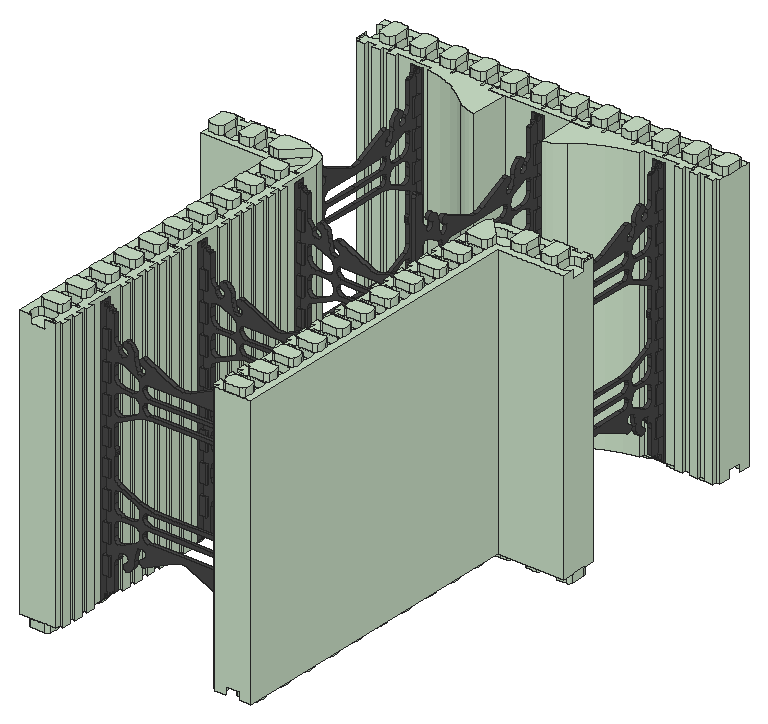
Revit family (continued)
Forms (mm)
  Extrusion 53, void
    sketch origin (965.151, -101.695, 0) x (0, 1, 0) y (-1, 0, 0)
      loop
        arc (-130.453, 639.396) -> (-128.147, 636.215) -> (-124.411, 635) r 6.35
        line (-124.411, 635) -> (-101.014, 635)
        arc (-101.014, 635) -> (-97.278, 636.215) -> (-94.972, 639.396) r 6.35
        arc (-94.972, 639.396) -> (-93.737, 645.691) -> (-94.024, 652.1) r 26.988
        arc (-94.024, 652.1) -> (-93.668, 653.385) -> (-92.457, 653.946) r 1.588
        line (-92.457, 653.946) -> (-86.829, 653.946) -> (-86.829, 658.285) -> (-95.62, 658.285)
        arc (-95.62, 658.285) -> (-96.199, 658.394) -> (-96.698, 658.708) r 1.588
        arc (-96.698, 658.708) -> (-98.696, 659.961) -> (-101.014, 660.4) r 6.35
        line (-101.014, 660.4) -> (-124.411, 660.4)
        arc (-124.411, 660.4) -> (-128.147, 659.184) -> (-130.453, 656.003) r 6.35
        arc (-130.453, 656.003) -> (-131.763, 647.7) -> (-130.453, 639.396) r 26.987
    from 0 to 12.7
  Extrusion 54, void
    sketch origin (406.351, -0.096, 0) x (0, -1, 0) y (1, 0, 0)
      loop
        arc (-130.453, -639.396) -> (-131.763, -647.7) -> (-130.453, -656.003) r 26.987
        arc (-130.453, -656.003) -> (-128.147, -659.184) -> (-124.411, -660.4) r 6.35
        line (-124.411, -660.4) -> (-101.014, -660.4)
        arc (-101.014, -660.4) -> (-98.696, -659.961) -> (-96.698, -658.708) r 6.35
        arc (-96.698, -658.708) -> (-96.199, -658.394) -> (-95.62, -658.285) r 1.588
        line (-95.62, -658.285) -> (-86.829, -658.285) -> (-86.829, -653.946) -> (-92.457, -653.946)
        arc (-92.457, -653.946) -> (-93.668, -653.385) -> (-94.024, -652.1) r 1.588
        arc (-94.024, -652.1) -> (-93.737, -645.691) -> (-94.972, -639.396) r 26.988
        arc (-94.972, -639.396) -> (-97.278, -636.215) -> (-101.014, -635) r 6.35
        line (-101.014, -635) -> (-124.411, -635)
        arc (-124.411, -635) -> (-128.147, -636.215) -> (-130.453, -639.396) r 6.35
    from 457.2 to 444.5
  Extrusion 55, void
    sketch origin (457.151, -0.096, 0) x (0, -1, 0) y (1, 0, 0)
      loop
        arc (-130.453, -639.396) -> (-131.763, -647.7) -> (-130.453, -656.003) r 26.987
        arc (-130.453, -656.003) -> (-128.147, -659.184) -> (-124.411, -660.4) r 6.35
        line (-124.411, -660.4) -> (-101.014, -660.4)
        arc (-101.014, -660.4) -> (-98.696, -659.961) -> (-96.698, -658.708) r 6.35
        arc (-96.698, -658.708) -> (-96.199, -658.394) -> (-95.62, -658.285) r 1.588
        line (-95.62, -658.285) -> (-86.829, -658.285) -> (-86.829, -653.946) -> (-92.457, -653.946)
        arc (-92.457, -653.946) -> (-93.668, -653.385) -> (-94.024, -652.1) r 1.588
        arc (-94.024, -652.1) -> (-93.737, -645.691) -> (-94.972, -639.396) r 26.988
        arc (-94.972, -639.396) -> (-97.278, -636.215) -> (-101.014, -635) r 6.35
        line (-101.014, -635) -> (-124.411, -635)
        arc (-124.411, -635) -> (-128.147, -636.215) -> (-130.453, -639.396) r 6.35
    from 457.2 to 444.5
  Extrusion 56, void
    sketch origin (507.951, -0.096, 0) x (0, -1, 0) y (1, 0, 0)
      loop
        arc (-130.453, -639.396) -> (-131.763, -647.7) -> (-130.453, -656.003) r 26.987
        arc (-130.453, -656.003) -> (-128.147, -659.184) -> (-124.411, -660.4) r 6.35
        line (-124.411, -660.4) -> (-101.014, -660.4)
        arc (-101.014, -660.4) -> (-98.696, -659.961) -> (-96.698, -658.708) r 6.35
        arc (-96.698, -658.708) -> (-96.199, -658.394) -> (-95.62, -658.285) r 1.588
        line (-95.62, -658.285) -> (-86.829, -658.285) -> (-86.829, -653.946) -> (-92.457, -653.946)
        arc (-92.457, -653.946) -> (-93.668, -653.385) -> (-94.024, -652.1) r 1.588
        arc (-94.024, -652.1) -> (-93.737, -645.691) -> (-94.972, -639.396) r 26.988
        arc (-94.972, -639.396) -> (-97.278, -636.215) -> (-101.014, -635) r 6.35
        line (-101.014, -635) -> (-124.411, -635)
        arc (-124.411, -635) -> (-128.147, -636.215) -> (-130.453, -639.396) r 6.35
    from 457.2 to 444.5
  Extrusion 57, void
    sketch origin (558.751, -0.096, 0) x (0, -1, 0) y (1, 0, 0)
      loop
        arc (-130.453, -639.396) -> (-131.763, -647.7) -> (-130.453, -656.003) r 26.987
        arc (-130.453, -656.003) -> (-128.147, -659.184) -> (-124.411, -660.4) r 6.35
        line (-124.411, -660.4) -> (-101.014, -660.4)
        arc (-101.014, -660.4) -> (-98.696, -659.961) -> (-96.698, -658.708) r 6.35
        arc (-96.698, -658.708) -> (-96.199, -658.394) -> (-95.62, -658.285) r 1.588
        line (-95.62, -658.285) -> (-86.829, -658.285) -> (-86.829, -653.946) -> (-92.457, -653.946)
        arc (-92.457, -653.946) -> (-93.668, -653.385) -> (-94.024, -652.1) r 1.588
        arc (-94.024, -652.1) -> (-93.737, -645.691) -> (-94.972, -639.396) r 26.988
        arc (-94.972, -639.396) -> (-97.278, -636.215) -> (-101.014, -635) r 6.35
        line (-101.014, -635) -> (-124.411, -635)
        arc (-124.411, -635) -> (-128.147, -636.215) -> (-130.453, -639.396) r 6.35
    from 457.2 to 444.5
  Extrusion 58, void
    sketch origin (609.551, -0.096, 0) x (0, -1, 0) y (1, 0, 0)
      loop
        arc (-130.453, -639.396) -> (-131.763, -647.7) -> (-130.453, -656.003) r 26.987
        arc (-130.453, -656.003) -> (-128.147, -659.184) -> (-124.411, -660.4) r 6.35
        line (-124.411, -660.4) -> (-101.014, -660.4)
        arc (-101.014, -660.4) -> (-98.696, -659.961) -> (-96.698, -658.708) r 6.35
        arc (-96.698, -658.708) -> (-96.199, -658.394) -> (-95.62, -658.285) r 1.588
        line (-95.62, -658.285) -> (-86.829, -658.285) -> (-86.829, -653.946) -> (-92.457, -653.946)
        arc (-92.457, -653.946) -> (-93.668, -653.385) -> (-94.024, -652.1) r 1.588
        arc (-94.024, -652.1) -> (-93.737, -645.691) -> (-94.972, -639.396) r 26.988
        arc (-94.972, -639.396) -> (-97.278, -636.215) -> (-101.014, -635) r 6.35
        line (-101.014, -635) -> (-124.411, -635)
        arc (-124.411, -635) -> (-128.147, -636.215) -> (-130.453, -639.396) r 6.35
    from 457.2 to 444.5
  Extrusion 59, void
    sketch origin (761.951, -0.096, 0) x (0, -1, 0) y (1, 0, 0)
      loop
        arc (-130.453, -639.396) -> (-131.763, -647.7) -> (-130.453, -656.003) r 26.987
        arc (-130.453, -656.003) -> (-128.147, -659.184) -> (-124.411, -660.4) r 6.35
        line (-124.411, -660.4) -> (-101.014, -660.4)
        arc (-101.014, -660.4) -> (-98.696, -659.961) -> (-96.698, -658.708) r 6.35
        arc (-96.698, -658.708) -> (-96.199, -658.394) -> (-95.62, -658.285) r 1.588
        line (-95.62, -658.285) -> (-86.829, -658.285) -> (-86.829, -653.946) -> (-92.457, -653.946)
        arc (-92.457, -653.946) -> (-93.668, -653.385) -> (-94.024, -652.1) r 1.588
        arc (-94.024, -652.1) -> (-93.737, -645.691) -> (-94.972, -639.396) r 26.988
        arc (-94.972, -639.396) -> (-97.278, -636.215) -> (-101.014, -635) r 6.35
        line (-101.014, -635) -> (-124.411, -635)
        arc (-124.411, -635) -> (-128.147, -636.215) -> (-130.453, -639.396) r 6.35
    from 457.2 to 444.5
  Extrusion 60, void
    sketch origin (812.751, -0.096, 0) x (0, -1, 0) y (1, 0, 0)
      loop
        arc (-130.453, -639.396) -> (-131.763, -647.7) -> (-130.453, -656.003) r 26.987
        arc (-130.453, -656.003) -> (-128.147, -659.184) -> (-124.411, -660.4) r 6.35
        line (-124.411, -660.4) -> (-101.014, -660.4)
        arc (-101.014, -660.4) -> (-98.696, -659.961) -> (-96.698, -658.708) r 6.35
        arc (-96.698, -658.708) -> (-96.199, -658.394) -> (-95.62, -658.285) r 1.588
        line (-95.62, -658.285) -> (-86.829, -658.285) -> (-86.829, -653.946) -> (-92.457, -653.946)
        arc (-92.457, -653.946) -> (-93.668, -653.385) -> (-94.024, -652.1) r 1.588
        arc (-94.024, -652.1) -> (-93.737, -645.691) -> (-94.972, -639.396) r 26.988
        arc (-94.972, -639.396) -> (-97.278, -636.215) -> (-101.014, -635) r 6.35
        line (-101.014, -635) -> (-124.411, -635)
        arc (-124.411, -635) -> (-128.147, -636.215) -> (-130.453, -639.396) r 6.35
    from 457.2 to 444.5
  Extrusion 61, void
    sketch origin (863.551, -0.096, 0) x (0, -1, 0) y (1, 0, 0)
      loop
        arc (-130.453, -639.396) -> (-131.763, -647.7) -> (-130.453, -656.003) r 26.987
        arc (-130.453, -656.003) -> (-128.147, -659.184) -> (-124.411, -660.4) r 6.35
        line (-124.411, -660.4) -> (-101.014, -660.4)
        arc (-101.014, -660.4) -> (-98.696, -659.961) -> (-96.698, -658.708) r 6.35
        arc (-96.698, -658.708) -> (-96.199, -658.394) -> (-95.62, -658.285) r 1.588
        line (-95.62, -658.285) -> (-86.829, -658.285) -> (-86.829, -653.946) -> (-92.457, -653.946)
        arc (-92.457, -653.946) -> (-93.668, -653.385) -> (-94.024, -652.1) r 1.588
        arc (-94.024, -652.1) -> (-93.737, -645.691) -> (-94.972, -639.396) r 26.988
        arc (-94.972, -639.396) -> (-97.278, -636.215) -> (-101.014, -635) r 6.35
        line (-101.014, -635) -> (-124.411, -635)
        arc (-124.411, -635) -> (-128.147, -636.215) -> (-130.453, -639.396) r 6.35
    from 457.2 to 444.5
  Extrusion 62, void
    sketch origin (914.351, -0.096, 0) x (0, -1, 0) y (1, 0, 0)
      loop
        arc (-130.453, -639.396) -> (-131.763, -647.7) -> (-130.453, -656.003) r 26.987
        arc (-130.453, -656.003) -> (-128.147, -659.184) -> (-124.411, -660.4) r 6.35
        line (-124.411, -660.4) -> (-101.014, -660.4)
        arc (-101.014, -660.4) -> (-98.696, -659.961) -> (-96.698, -658.708) r 6.35
        arc (-96.698, -658.708) -> (-96.199, -658.394) -> (-95.62, -658.285) r 1.588
        line (-95.62, -658.285) -> (-86.829, -658.285) -> (-86.829, -653.946) -> (-92.457, -653.946)
        arc (-92.457, -653.946) -> (-93.668, -653.385) -> (-94.024, -652.1) r 1.588
        arc (-94.024, -652.1) -> (-93.737, -645.691) -> (-94.972, -639.396) r 26.988
        arc (-94.972, -639.396) -> (-97.278, -636.215) -> (-101.014, -635) r 6.35
        line (-101.014, -635) -> (-124.411, -635)
        arc (-124.411, -635) -> (-128.147, -636.215) -> (-130.453, -639.396) r 6.35
    from 457.2 to 444.5
  Extrusion 63, void
    sketch origin (-863.648, -0.096, 0) x (0, -1, 0) y (1, 0, 0)
      loop
        arc (-130.453, 639.396) -> (-128.147, 636.215) -> (-124.411, 635) r 6.35
        line (-124.411, 635) -> (-101.014, 635)
        arc (-101.014, 635) -> (-97.278, 636.215) -> (-94.972, 639.396) r 6.35
        arc (-94.972, 639.396) -> (-93.737, 645.691) -> (-94.024, 652.1) r 26.988
        arc (-94.024, 652.1) -> (-93.668, 653.385) -> (-92.457, 653.946) r 1.588
        line (-92.457, 653.946) -> (-86.829, 653.946) -> (-86.829, 658.285) -> (-95.62, 658.285)
        arc (-95.62, 658.285) -> (-96.199, 658.394) -> (-96.698, 658.708) r 1.588
        arc (-96.698, 658.708) -> (-98.696, 659.961) -> (-101.014, 660.4) r 6.35
        line (-101.014, 660.4) -> (-124.411, 660.4)
        arc (-124.411, 660.4) -> (-128.147, 659.184) -> (-130.453, 656.003) r 6.35
        arc (-130.453, 656.003) -> (-131.763, 647.7) -> (-130.453, 639.396) r 26.987
    from 0 to 12.7
  Extrusion 64, void
    sketch origin (-812.848, -0.096, 0) x (0, -1, 0) y (1, 0, 0)
      loop
        arc (-130.453, 639.396) -> (-128.147, 636.215) -> (-124.411, 635) r 6.35
        line (-124.411, 635) -> (-101.014, 635)
        arc (-101.014, 635) -> (-97.278, 636.215) -> (-94.972, 639.396) r 6.35
        arc (-94.972, 639.396) -> (-93.737, 645.691) -> (-94.024, 652.1) r 26.988
        arc (-94.024, 652.1) -> (-93.668, 653.385) -> (-92.457, 653.946) r 1.588
        line (-92.457, 653.946) -> (-86.829, 653.946) -> (-86.829, 658.285) -> (-95.62, 658.285)
        arc (-95.62, 658.285) -> (-96.199, 658.394) -> (-96.698, 658.708) r 1.588
        arc (-96.698, 658.708) -> (-98.696, 659.961) -> (-101.014, 660.4) r 6.35
        line (-101.014, 660.4) -> (-124.411, 660.4)
        arc (-124.411, 660.4) -> (-128.147, 659.184) -> (-130.453, 656.003) r 6.35
        arc (-130.453, 656.003) -> (-131.763, 647.7) -> (-130.453, 639.396) r 26.987
    from 0 to 12.7
  Extrusion 65, void
    sketch origin (-762.048, -0.096, 0) x (0, -1, 0) y (1, 0, 0)
      loop
        arc (-130.453, 639.396) -> (-128.147, 636.215) -> (-124.411, 635) r 6.35
        line (-124.411, 635) -> (-101.014, 635)
        arc (-101.014, 635) -> (-97.278, 636.215) -> (-94.972, 639.396) r 6.35
        arc (-94.972, 639.396) -> (-93.737, 645.691) -> (-94.024, 652.1) r 26.988
        arc (-94.024, 652.1) -> (-93.668, 653.385) -> (-92.457, 653.946) r 1.588
        line (-92.457, 653.946) -> (-86.829, 653.946) -> (-86.829, 658.285) -> (-95.62, 658.285)
        arc (-95.62, 658.285) -> (-96.199, 658.394) -> (-96.698, 658.708) r 1.588
        arc (-96.698, 658.708) -> (-98.696, 659.961) -> (-101.014, 660.4) r 6.35
        line (-101.014, 660.4) -> (-124.411, 660.4)
        arc (-124.411, 660.4) -> (-128.147, 659.184) -> (-130.453, 656.003) r 6.35
        arc (-130.453, 656.003) -> (-131.763, 647.7) -> (-130.453, 639.396) r 26.987
    from 0 to 12.7
  Extrusion 66, void
    sketch origin (-711.248, -0.096, 0) x (0, -1, 0) y (1, 0, 0)
      loop
        arc (-130.453, 639.396) -> (-128.147, 636.215) -> (-124.411, 635) r 6.35
        line (-124.411, 635) -> (-101.014, 635)
        arc (-101.014, 635) -> (-97.278, 636.215) -> (-94.972, 639.396) r 6.35
        arc (-94.972, 639.396) -> (-93.737, 645.691) -> (-94.024, 652.1) r 26.988
        arc (-94.024, 652.1) -> (-93.668, 653.385) -> (-92.457, 653.946) r 1.588
        line (-92.457, 653.946) -> (-86.829, 653.946) -> (-86.829, 658.285) -> (-95.62, 658.285)
        arc (-95.62, 658.285) -> (-96.199, 658.394) -> (-96.698, 658.708) r 1.588
        arc (-96.698, 658.708) -> (-98.696, 659.961) -> (-101.014, 660.4) r 6.35
        line (-101.014, 660.4) -> (-124.411, 660.4)
        arc (-124.411, 660.4) -> (-128.147, 659.184) -> (-130.453, 656.003) r 6.35
        arc (-130.453, 656.003) -> (-131.763, 647.7) -> (-130.453, 639.396) r 26.987
    from 0 to 12.7
  Extrusion 67, void
    sketch origin (-508.048, -0.096, 0) x (0, -1, 0) y (1, 0, 0)
      loop
        arc (-130.453, 639.396) -> (-128.147, 636.215) -> (-124.411, 635) r 6.35
        line (-124.411, 635) -> (-101.014, 635)
        arc (-101.014, 635) -> (-97.278, 636.215) -> (-94.972, 639.396) r 6.35
        arc (-94.972, 639.396) -> (-93.737, 645.691) -> (-94.024, 652.1) r 26.988
        arc (-94.024, 652.1) -> (-93.668, 653.385) -> (-92.457, 653.946) r 1.588
        line (-92.457, 653.946) -> (-86.829, 653.946) -> (-86.829, 658.285) -> (-95.62, 658.285)
        arc (-95.62, 658.285) -> (-96.199, 658.394) -> (-96.698, 658.708) r 1.588
        arc (-96.698, 658.708) -> (-98.696, 659.961) -> (-101.014, 660.4) r 6.35
        line (-101.014, 660.4) -> (-124.411, 660.4)
        arc (-124.411, 660.4) -> (-128.147, 659.184) -> (-130.453, 656.003) r 6.35
        arc (-130.453, 656.003) -> (-131.763, 647.7) -> (-130.453, 639.396) r 26.987
    from 0 to 12.7
  Extrusion 68, void
    sketch origin (-457.248, -0.096, 0) x (0, -1, 0) y (1, 0, 0)
      loop
        arc (-130.453, 639.396) -> (-128.147, 636.215) -> (-124.411, 635) r 6.35
        line (-124.411, 635) -> (-101.014, 635)
        arc (-101.014, 635) -> (-97.278, 636.215) -> (-94.972, 639.396) r 6.35
        arc (-94.972, 639.396) -> (-93.737, 645.691) -> (-94.024, 652.1) r 26.988
        arc (-94.024, 652.1) -> (-93.668, 653.385) -> (-92.457, 653.946) r 1.588
        line (-92.457, 653.946) -> (-86.829, 653.946) -> (-86.829, 658.285) -> (-95.62, 658.285)
        arc (-95.62, 658.285) -> (-96.199, 658.394) -> (-96.698, 658.708) r 1.588
        arc (-96.698, 658.708) -> (-98.696, 659.961) -> (-101.014, 660.4) r 6.35
        line (-101.014, 660.4) -> (-124.411, 660.4)
        arc (-124.411, 660.4) -> (-128.147, 659.184) -> (-130.453, 656.003) r 6.35
        arc (-130.453, 656.003) -> (-131.763, 647.7) -> (-130.453, 639.396) r 26.987
    from 0 to 12.7
  Extrusion 69, void
    sketch origin (-406.448, -0.096, 0) x (0, -1, 0) y (1, 0, 0)
      loop
        arc (-130.453, 639.396) -> (-128.147, 636.215) -> (-124.411, 635) r 6.35
        line (-124.411, 635) -> (-101.014, 635)
        arc (-101.014, 635) -> (-97.278, 636.215) -> (-94.972, 639.396) r 6.35
        arc (-94.972, 639.396) -> (-93.737, 645.691) -> (-94.024, 652.1) r 26.988
        arc (-94.024, 652.1) -> (-93.668, 653.385) -> (-92.457, 653.946) r 1.588
        line (-92.457, 653.946) -> (-86.829, 653.946) -> (-86.829, 658.285) -> (-95.62, 658.285)
        arc (-95.62, 658.285) -> (-96.199, 658.394) -> (-96.698, 658.708) r 1.588
        arc (-96.698, 658.708) -> (-98.696, 659.961) -> (-101.014, 660.4) r 6.35
        line (-101.014, 660.4) -> (-124.411, 660.4)
        arc (-124.411, 660.4) -> (-128.147, 659.184) -> (-130.453, 656.003) r 6.35
        arc (-130.453, 656.003) -> (-131.763, 647.7) -> (-130.453, 639.396) r 26.987
    from 0 to 12.7
  Extrusion 70, void
    sketch origin (-355.648, -0.096, 0) x (0, -1, 0) y (1, 0, 0)
      loop
        arc (-130.453, 639.396) -> (-128.147, 636.215) -> (-124.411, 635) r 6.35
        line (-124.411, 635) -> (-101.014, 635)
        arc (-101.014, 635) -> (-97.278, 636.215) -> (-94.972, 639.396) r 6.35
        arc (-94.972, 639.396) -> (-93.737, 645.691) -> (-94.024, 652.1) r 26.988
        arc (-94.024, 652.1) -> (-93.668, 653.385) -> (-92.457, 653.946) r 1.588
        line (-92.457, 653.946) -> (-86.829, 653.946) -> (-86.829, 658.285) -> (-95.62, 658.285)
        arc (-95.62, 658.285) -> (-96.199, 658.394) -> (-96.698, 658.708) r 1.588
        arc (-96.698, 658.708) -> (-98.696, 659.961) -> (-101.014, 660.4) r 6.35
        line (-101.014, 660.4) -> (-124.411, 660.4)
        arc (-124.411, 660.4) -> (-128.147, 659.184) -> (-130.453, 656.003) r 6.35
        arc (-130.453, 656.003) -> (-131.763, 647.7) -> (-130.453, 639.396) r 26.987
    from 0 to 12.7
  Extrusion 71, solid, material "NUDURA Expanded Polystyrene Foam Insulation"
    sketch origin (101.551, -101.695, 0) x (1, 0, 0) y (0, 1, 0)
      loop
        arc (101.102, -101.102) -> (95.596, -109.342) -> (93.663, -119.062) r 25.4
        line (93.663, -119.062) -> (93.663, -139.7)
        arc (93.663, -139.7) -> (93.992, -143.903) -> (94.972, -148.003) r 26.987
        arc (94.972, -148.003) -> (97.278, -151.184) -> (101.014, -152.4) r 6.35
        line (101.014, -152.4) -> (124.411, -152.4)
        arc (124.411, -152.4) -> (128.147, -151.184) -> (130.453, -148.003) r 6.35
        arc (130.453, -148.003) -> (131.433, -143.903) -> (131.763, -139.7) r 26.988
        line (131.763, -139.7) -> (131.763, -131.762) -> (101.102, -101.102)
    from 457.2 to 469.9
  Extrusion 72, solid, material "NUDURA Expanded Polystyrene Foam Insulation"
    sketch origin (-0.049, -101.695, 0) x (1, 0, 0) y (0, 1, 0)
      loop
        line (-119.063, -93.662) -> (-139.7, -93.662)
        arc (-139.7, -93.662) -> (-143.903, -93.991) -> (-148.004, -94.971) r 26.987
        arc (-148.004, -94.971) -> (-151.185, -97.277) -> (-152.4, -101.013) r 6.35
        line (-152.4, -101.013) -> (-152.4, -124.411)
        arc (-152.4, -124.411) -> (-151.185, -128.147) -> (-148.004, -130.453) r 6.35
        arc (-148.004, -130.453) -> (-143.903, -131.433) -> (-139.7, -131.762) r 26.987
        line (-139.7, -131.762) -> (-131.763, -131.762) -> (-101.102, -101.102)
        arc (-101.102, -101.102) -> (-109.342, -95.595) -> (-119.063, -93.662) r 25.4
    from 457.2 to 469.9
  Extrusion 73, solid, material "NUDURA Expanded Polystyrene Foam Insulation"
    sketch origin (-0.049, -101.695, 0) x (1, 0, 0) y (0, 1, 0)
      loop
        line (-131.763, -131.762) -> (-131.763, -139.7)
        arc (-131.763, -139.7) -> (-131.433, -143.903) -> (-130.453, -148.003) r 26.987
        arc (-130.453, -148.003) -> (-128.147, -151.184) -> (-124.411, -152.4) r 6.35
        line (-124.411, -152.4) -> (-101.014, -152.4)
        arc (-101.014, -152.4) -> (-97.278, -151.184) -> (-94.972, -148.003) r 6.35
        arc (-94.972, -148.003) -> (-93.992, -143.903) -> (-93.663, -139.7) r 26.987
        line (-93.663, -139.7) -> (-93.663, -119.062)
        arc (-93.663, -119.062) -> (-95.596, -109.342) -> (-101.102, -101.102) r 25.4
        line (-101.102, -101.102) -> (-131.763, -131.762)
    from 0 to -12.7
  Extrusion 74, solid, material "NUDURA Expanded Polystyrene Foam Insulation"
    sketch origin (101.551, -101.695, 0) x (1, 0, 0) y (0, 1, 0)
      loop
        arc (152.4, -101.013) -> (151.185, -97.277) -> (148.004, -94.971) r 6.35
        arc (148.004, -94.971) -> (143.903, -93.991) -> (139.7, -93.662) r 26.987
        line (139.7, -93.662) -> (119.063, -93.662)
        arc (119.063, -93.662) -> (109.342, -95.595) -> (101.102, -101.102) r 25.4
        line (101.102, -101.102) -> (131.763, -131.762) -> (139.7, -131.762)
        arc (139.7, -131.762) -> (143.903, -131.433) -> (148.004, -130.453) r 26.988
        arc (148.004, -130.453) -> (151.185, -128.147) -> (152.4, -124.411) r 6.35
        line (152.4, -124.411) -> (152.4, -101.013)
    from 0 to -12.7
  Extrusion 75, void
    sketch origin (-558.848, -0.096, 0) x (0, -1, 0) y (1, 0, 0)
      loop
        arc (-130.453, 639.396) -> (-128.147, 636.215) -> (-124.411, 635) r 6.35
        line (-124.411, 635) -> (-101.014, 635)
        arc (-101.014, 635) -> (-97.278, 636.215) -> (-94.972, 639.396) r 6.35
        arc (-94.972, 639.396) -> (-93.737, 645.691) -> (-94.024, 652.1) r 26.988
        arc (-94.024, 652.1) -> (-93.668, 653.385) -> (-92.457, 653.946) r 1.588
        line (-92.457, 653.946) -> (-86.829, 653.946) -> (-86.829, 658.285) -> (-95.62, 658.285)
        arc (-95.62, 658.285) -> (-96.199, 658.394) -> (-96.698, 658.708) r 1.588
        arc (-96.698, 658.708) -> (-98.696, 659.961) -> (-101.014, 660.4) r 6.35
        line (-101.014, 660.4) -> (-124.411, 660.4)
        arc (-124.411, 660.4) -> (-128.147, 659.184) -> (-130.453, 656.003) r 6.35
        arc (-130.453, 656.003) -> (-131.763, 647.7) -> (-130.453, 639.396) r 26.987
    from 0 to 12.7
  Extrusion 76, solid, material "NUDURA Expanded Polystyrene Foam Insulation"
    sketch origin (-0.049, -0.095, 0) x (1, 0, 0) y (0, 1, 0)
      loop
        line (-31.75, 142.875) -> (-31.75, 131.479) -> (-25.4, 133.18) -> (-25.4, 117.763) -> (-31.75, 119.346) -> (-31.75, 106.079) -> (-25.4, 107.78) -> (-25.4, 92.363) -> (-31.75, 93.946) -> (-31.75, 82.55) -> (133.35, 82.55) -> (133.35, 93.946) -> (127, 92.363) -> (127, 107.78) -> (133.35, 106.079) -> (133.35, 119.346) -> (127, 117.763) -> (127, 133.18) -> (133.35, 131.479) -> (133.35, 142.875) -> (-31.75, 142.875)
    from 0 to 457.2
  Extrusion 77, void
    sketch origin (660.351, -0.096, 0) x (0, -1, 0) y (1, 0, 0)
      loop
        arc (-130.453, -639.396) -> (-131.763, -647.7) -> (-130.453, -656.003) r 26.987
        arc (-130.453, -656.003) -> (-128.147, -659.184) -> (-124.411, -660.4) r 6.35
        line (-124.411, -660.4) -> (-101.014, -660.4)
        arc (-101.014, -660.4) -> (-98.696, -659.961) -> (-96.698, -658.708) r 6.35
        arc (-96.698, -658.708) -> (-96.199, -658.394) -> (-95.62, -658.285) r 1.588
        line (-95.62, -658.285) -> (-86.829, -658.285) -> (-86.829, -653.946) -> (-92.457, -653.946)
        arc (-92.457, -653.946) -> (-93.668, -653.385) -> (-94.024, -652.1) r 1.588
        arc (-94.024, -652.1) -> (-93.737, -645.691) -> (-94.972, -639.396) r 26.988
        arc (-94.972, -639.396) -> (-97.278, -636.215) -> (-101.014, -635) r 6.35
        line (-101.014, -635) -> (-124.411, -635)
        arc (-124.411, -635) -> (-128.147, -636.215) -> (-130.453, -639.396) r 6.35
    from 457.2 to 444.5
  Extrusion 78, void
    sketch origin (711.151, -0.096, 0) x (0, -1, 0) y (1, 0, 0)
      loop
        arc (-130.453, -639.396) -> (-131.763, -647.7) -> (-130.453, -656.003) r 26.987
        arc (-130.453, -656.003) -> (-128.147, -659.184) -> (-124.411, -660.4) r 6.35
        line (-124.411, -660.4) -> (-101.014, -660.4)
        arc (-101.014, -660.4) -> (-98.696, -659.961) -> (-96.698, -658.708) r 6.35
        arc (-96.698, -658.708) -> (-96.199, -658.394) -> (-95.62, -658.285) r 1.588
        line (-95.62, -658.285) -> (-86.829, -658.285) -> (-86.829, -653.946) -> (-92.457, -653.946)
        arc (-92.457, -653.946) -> (-93.668, -653.385) -> (-94.024, -652.1) r 1.588
        arc (-94.024, -652.1) -> (-93.737, -645.691) -> (-94.972, -639.396) r 26.988
        arc (-94.972, -639.396) -> (-97.278, -636.215) -> (-101.014, -635) r 6.35
        line (-101.014, -635) -> (-124.411, -635)
        arc (-124.411, -635) -> (-128.147, -636.215) -> (-130.453, -639.396) r 6.35
    from 457.2 to 444.5
  Extrusion 79, void
    sketch origin (-609.648, -0.096, 0) x (0, -1, 0) y (1, 0, 0)
      loop
        arc (-130.453, 639.396) -> (-128.147, 636.215) -> (-124.411, 635) r 6.35
        line (-124.411, 635) -> (-101.014, 635)
        arc (-101.014, 635) -> (-97.278, 636.215) -> (-94.972, 639.396) r 6.35
        arc (-94.972, 639.396) -> (-93.737, 645.691) -> (-94.024, 652.1) r 26.988
        arc (-94.024, 652.1) -> (-93.668, 653.385) -> (-92.457, 653.946) r 1.588
        line (-92.457, 653.946) -> (-86.829, 653.946) -> (-86.829, 658.285) -> (-95.62, 658.285)
        arc (-95.62, 658.285) -> (-96.199, 658.394) -> (-96.698, 658.708) r 1.588
        arc (-96.698, 658.708) -> (-98.696, 659.961) -> (-101.014, 660.4) r 6.35
        line (-101.014, 660.4) -> (-124.411, 660.4)
        arc (-124.411, 660.4) -> (-128.147, 659.184) -> (-130.453, 656.003) r 6.35
        arc (-130.453, 656.003) -> (-131.763, 647.7) -> (-130.453, 639.396) r 26.987
    from 0 to 12.7
  Extrusion 80, void
    sketch origin (-660.448, -0.096, 0) x (0, -1, 0) y (1, 0, 0)
      loop
        arc (-130.453, 639.396) -> (-128.147, 636.215) -> (-124.411, 635) r 6.35
        line (-124.411, 635) -> (-101.014, 635)
        arc (-101.014, 635) -> (-97.278, 636.215) -> (-94.972, 639.396) r 6.35
        arc (-94.972, 639.396) -> (-93.737, 645.691) -> (-94.024, 652.1) r 26.988
        arc (-94.024, 652.1) -> (-93.668, 653.385) -> (-92.457, 653.946) r 1.588
        line (-92.457, 653.946) -> (-86.829, 653.946) -> (-86.829, 658.285) -> (-95.62, 658.285)
        arc (-95.62, 658.285) -> (-96.199, 658.394) -> (-96.698, 658.708) r 1.588
        arc (-96.698, 658.708) -> (-98.696, 659.961) -> (-101.014, 660.4) r 6.35
        line (-101.014, 660.4) -> (-124.411, 660.4)
        arc (-124.411, 660.4) -> (-128.147, 659.184) -> (-130.453, 656.003) r 6.35
        arc (-130.453, 656.003) -> (-131.763, 647.7) -> (-130.453, 639.396) r 26.987
    from 0 to 12.7
  Extrusion 81, void
    sketch origin (965.151, -0.096, 0) x (0, -1, 0) y (1, 0, 0)
      loop
        arc (-130.453, -639.396) -> (-131.763, -647.7) -> (-130.453, -656.003) r 26.987
        arc (-130.453, -656.003) -> (-128.147, -659.184) -> (-124.411, -660.4) r 6.35
        line (-124.411, -660.4) -> (-101.014, -660.4)
        arc (-101.014, -660.4) -> (-98.696, -659.961) -> (-96.698, -658.708) r 6.35
        arc (-96.698, -658.708) -> (-96.199, -658.394) -> (-95.62, -658.285) r 1.588
        line (-95.62, -658.285) -> (-86.829, -658.285) -> (-86.829, -653.946) -> (-92.457, -653.946)
        arc (-92.457, -653.946) -> (-93.668, -653.385) -> (-94.024, -652.1) r 1.588
        arc (-94.024, -652.1) -> (-93.737, -645.691) -> (-94.972, -639.396) r 26.988
        arc (-94.972, -639.396) -> (-97.278, -636.215) -> (-101.014, -635) r 6.35
        line (-101.014, -635) -> (-124.411, -635)
        arc (-124.411, -635) -> (-128.147, -636.215) -> (-130.453, -639.396) r 6.35
    from 457.2 to 444.5
  Extrusion 82, void
    sketch origin (-304.848, -0.096, 0) x (0, -1, 0) y (1, 0, 0)
      loop
        arc (-130.453, 639.396) -> (-128.147, 636.215) -> (-124.411, 635) r 6.35
        line (-124.411, 635) -> (-101.014, 635)
        arc (-101.014, 635) -> (-97.278, 636.215) -> (-94.972, 639.396) r 6.35
        arc (-94.972, 639.396) -> (-93.737, 645.691) -> (-94.024, 652.1) r 26.988
        arc (-94.024, 652.1) -> (-93.668, 653.385) -> (-92.457, 653.946) r 1.588
        line (-92.457, 653.946) -> (-86.829, 653.946) -> (-86.829, 658.285) -> (-95.62, 658.285)
        arc (-95.62, 658.285) -> (-96.199, 658.394) -> (-96.698, 658.708) r 1.588
        arc (-96.698, 658.708) -> (-98.696, 659.961) -> (-101.014, 660.4) r 6.35
        line (-101.014, 660.4) -> (-124.411, 660.4)
        arc (-124.411, 660.4) -> (-128.147, 659.184) -> (-130.453, 656.003) r 6.35
        arc (-130.453, 656.003) -> (-131.763, 647.7) -> (-130.453, 639.396) r 26.987
    from 0 to 12.7
  Extrusion 83, void
    sketch origin (609.551, -0.096, 0) x (0, -1, 0) y (1, 0, 0)
      loop
        arc (-130.453, -639.396) -> (-131.763, -647.7) -> (-130.453, -656.003) r 26.987
        arc (-130.453, -656.003) -> (-128.147, -659.184) -> (-124.411, -660.4) r 6.35
        line (-124.411, -660.4) -> (-101.014, -660.4)
        arc (-101.014, -660.4) -> (-98.696, -659.961) -> (-96.698, -658.708) r 6.35
        arc (-96.698, -658.708) -> (-96.199, -658.394) -> (-95.62, -658.285) r 1.588
        line (-95.62, -658.285) -> (-86.829, -658.285) -> (-86.829, -653.946) -> (-92.457, -653.946)
        arc (-92.457, -653.946) -> (-93.668, -653.385) -> (-94.024, -652.1) r 1.588
        arc (-94.024, -652.1) -> (-93.737, -645.691) -> (-94.972, -639.396) r 26.988
        arc (-94.972, -639.396) -> (-97.278, -636.215) -> (-101.014, -635) r 6.35
        line (-101.014, -635) -> (-124.411, -635)
        arc (-124.411, -635) -> (-128.147, -636.215) -> (-130.453, -639.396) r 6.35
    from 457.2 to 444.5
Cuts and joins
  Extrusion 2, Extrusion 3, Extrusion 4, Extrusion 5, Extrusion 6, Extrusion 7, Extrusion 8, Extrusion 9, Extrusion 10, Extrusion 11, Extrusion 12, Extrusion 13, Extrusion 14, Extrusion 15, Extrusion 16, Extrusion 17, Extrusion 18, Extrusion 19, Extrusion 20, Extrusion 21, Extrusion 22, Extrusion 23, Extrusion 24, Extrusion 25, Extrusion 26, Extrusion 27, Extrusion 28, Extrusion 29, Extrusion 30, Extrusion 31, Extrusion 32, Extrusion 33, Extrusion 34, Extrusion 35, Extrusion 36, Extrusion 37, Extrusion 38, Extrusion 39, Extrusion 40, Extrusion 41, Extrusion 42, Extrusion 43, Extrusion 44, Extrusion 45, Extrusion 46, Extrusion 47, Extrusion 48, Extrusion 49, Extrusion 50, Extrusion 51, Extrusion 52, Extrusion 53, Extrusion 54, Extrusion 55, Extrusion 56, Extrusion 57, Extrusion 60, Extrusion 61, Extrusion 62, Extrusion 63, Extrusion 64, Extrusion 65, Extrusion 66, Extrusion 67, Extrusion 68, Extrusion 69, Extrusion 70, Extrusion 81, Extrusion 82, Extrusion 83 cuts Extrusion 1
  Extrusion 12 cuts Extrusion 72
  Extrusion 24 cuts Extrusion 73
  Extrusion 37 cuts Extrusion 71
  Extrusion 51 cuts Extrusion 74
  Extrusion 58, Extrusion 59, Extrusion 75, Extrusion 77, Extrusion 78, Extrusion 79, Extrusion 80 cuts Extrusion 76
Lines and regions (mm)
  model lines
    curve 1: line (-142.924, -508.095, 457.2) -> (-142.924, -508.095, 0)
    curve 2: line (-50.849, 142.78, 457.2) -> (-50.849, 142.78, 0)
    curve 3: line (-142.924, -558.895, 0) -> (-142.924, -558.895, 457.2)
Dimensions and locks
  aligned and locked: level to plane 2
  aligned and locked: Extrusion 1 to level
  aligned and locked: nested 78 to nested 72
Nested families
  nested 1: "Interlock Tooth" at (101.551, -762.095, 0) x (0, 1, 0) z (0, 0, 1), type "Interlock Tooth"
  nested 2: "Interlock Tooth" at (101.551, -711.295, 0) x (0, 1, 0) z (0, 0, 1), type "Interlock Tooth"
  nested 3: "Interlock Tooth" at (101.551, -660.495, 0) x (0, 1, 0) z (0, 0, 1), type "Interlock Tooth"
  nested 4: "Interlock Tooth" at (101.551, -609.695, 0) x (0, 1, 0) z (0, 0, 1), type "Interlock Tooth"
  nested 5: "Interlock Tooth" at (101.551, -558.895, 0) x (0, 1, 0) z (0, 0, 1), type "Interlock Tooth"
  nested 6: "Interlock Tooth" at (101.551, -508.095, 0) x (0, 1, 0) z (0, 0, 1), type "Interlock Tooth"
  nested 7: "Interlock Tooth" at (101.551, -457.295, 0) x (0, 1, 0) z (0, 0, 1), type "Interlock Tooth"
  nested 8: "Interlock Tooth" at (101.551, -406.495, 0) x (0, 1, 0) z (0, 0, 1), type "Interlock Tooth"
  nested 9: "Interlock Tooth" at (101.551, -355.695, 0) x (0, 1, 0) z (0, 0, 1), type "Interlock Tooth"
  nested 10: "Interlock Tooth" at (101.551, -304.895, 0) x (0, 1, 0) z (0, 0, 1), type "Interlock Tooth"
  nested 11: "Interlock Tooth" at (-0.049, -736.695, 0) x (0, 1, 0) z (0, 0, 1), type "Interlock Tooth"
  nested 12: "Interlock Tooth" at (-0.049, -685.895, 0) x (0, 1, 0) z (0, 0, 1), type "Interlock Tooth"
  nested 13: "Interlock Tooth" at (-0.049, -635.095, 0) x (0, 1, 0) z (0, 0, 1), type "Interlock Tooth"
  nested 14: "Interlock Tooth" at (-0.049, -584.295, 0) x (0, 1, 0) z (0, 0, 1), type "Interlock Tooth"
  nested 15: "Interlock Tooth" at (-0.049, -533.495, 0) x (0, 1, 0) z (0, 0, 1), type "Interlock Tooth"
  nested 16: "Interlock Tooth" at (-0.049, -482.695, 0) x (0, 1, 0) z (0, 0, 1), type "Interlock Tooth"
  nested 17: "Interlock Tooth" at (-0.049, -431.895, 0) x (0, 1, 0) z (0, 0, 1), type "Interlock Tooth"
  nested 18: "Interlock Tooth" at (-0.049, -381.095, 0) x (0, 1, 0) z (0, 0, 1), type "Interlock Tooth"
  nested 19: "Interlock Tooth" at (-0.049, -330.295, 0) x (0, 1, 0) z (0, 0, 1), type "Interlock Tooth"
  nested 20: "Interlock Tooth" at (-0.049, -279.495, 0) x (0, 1, 0) z (0, 0, 1), type "Interlock Tooth"
  nested 21: "Interlock Tooth" at (-254.049, -101.695, 0), type "Interlock Tooth"
  nested 22: "Interlock Tooth" at (-203.249, -101.695, 0), type "Interlock Tooth"
  nested 23: "Interlock Tooth" at (253.951, -101.695, 0), type "Interlock Tooth"
  nested 24: "Interlock Tooth" at (304.751, -101.695, 0), type "Interlock Tooth"
  nested 25: "Interlock Tooth" at (-228.649, -101.695, -469.9), type "Interlock Tooth"
  nested 26: "Interlock Tooth" at (-177.849, -101.695, -469.9), type "Interlock Tooth"
  nested 27: "Interlock Tooth" at (330.151, -101.695, -469.9), type "Interlock Tooth"
  nested 28: "Interlock Tooth" at (279.351, -101.695, -469.9), type "Interlock Tooth"
  nested 29: "Interlock Tooth" at (-0.049, -736.695, -469.9) x (0, -1, 0) z (0, 0, 1), type "Interlock Tooth"
  nested 30: "Interlock Tooth" at (-0.049, -685.895, -469.9) x (0, -1, 0) z (0, 0, 1), type "Interlock Tooth"
  nested 31: "Interlock Tooth" at (-0.049, -635.095, -469.9) x (0, -1, 0) z (0, 0, 1), type "Interlock Tooth"
  nested 32: "Interlock Tooth" at (-0.049, -584.295, -469.9) x (0, -1, 0) z (0, 0, 1), type "Interlock Tooth"
  nested 33: "Interlock Tooth" at (-0.049, -533.495, -469.9) x (0, -1, 0) z (0, 0, 1), type "Interlock Tooth"
  nested 34: "Interlock Tooth" at (-0.049, -482.695, -469.9) x (0, -1, 0) z (0, 0, 1), type "Interlock Tooth"
  nested 35: "Interlock Tooth" at (-0.049, -431.895, -469.9) x (0, -1, 0) z (0, 0, 1), type "Interlock Tooth"
  nested 36: "Interlock Tooth" at (-0.049, -381.095, -469.9) x (0, -1, 0) z (0, 0, 1), type "Interlock Tooth"
  nested 37: "Interlock Tooth" at (-0.049, -330.295, -469.9) x (0, -1, 0) z (0, 0, 1), type "Interlock Tooth"
  nested 38: "Interlock Tooth" at (-0.049, -279.495, -469.9) x (0, -1, 0) z (0, 0, 1), type "Interlock Tooth"
  nested 39: "Interlock Tooth" at (101.551, -736.695, -469.9) x (0, 1, 0) z (0, 0, 1), type "Interlock Tooth"
  nested 40: "Interlock Tooth" at (101.551, -685.895, -469.9) x (0, 1, 0) z (0, 0, 1), type "Interlock Tooth"
  nested 41: "Interlock Tooth" at (101.551, -635.095, -469.9) x (0, 1, 0) z (0, 0, 1), type "Interlock Tooth"
  nested 42: "Interlock Tooth" at (101.551, -584.295, -469.9) x (0, 1, 0) z (0, 0, 1), type "Interlock Tooth"
  nested 43: "Interlock Tooth" at (101.551, -533.495, -469.9) x (0, 1, 0) z (0, 0, 1), type "Interlock Tooth"
  nested 44: "Interlock Tooth" at (101.551, -482.695, -469.9) x (0, 1, 0) z (0, 0, 1), type "Interlock Tooth"
  nested 45: "Interlock Tooth" at (101.551, -431.895, -469.9) x (0, 1, 0) z (0, 0, 1), type "Interlock Tooth"
  nested 46: "Interlock Tooth" at (101.551, -381.095, -469.9) x (0, 1, 0) z (0, 0, 1), type "Interlock Tooth"
  nested 47: "Interlock Tooth" at (101.551, -330.295, -469.9) x (0, 1, 0) z (0, 0, 1), type "Interlock Tooth"
  nested 48: "Interlock Tooth" at (101.551, -279.495, -469.9) x (0, 1, 0) z (0, 0, 1), type "Interlock Tooth"
  nested 49: "Interlock Tooth" at (-203.249, -0.096, 0) x (-1, 0, 0) z (0, 0, 1), type "Interlock Tooth"
  nested 50: "Interlock Tooth" at (-228.649, -0.096, -469.9) x (-1, 0, 0) z (0, 0, 1), type "Interlock Tooth"
  nested 51: "Interlock Tooth" at (-152.449, -0.096, 0) x (-1, 0, 0) z (0, 0, 1), type "Interlock Tooth"
  nested 52: "Interlock Tooth" at (-177.849, -0.096, -469.9) x (-1, 0, 0) z (0, 0, 1), type "Interlock Tooth"
  nested 53: "Interlock Tooth" at (-101.649, -0.096, 0) x (-1, 0, 0) z (0, 0, 1), type "Interlock Tooth"
  nested 54: "Interlock Tooth" at (-127.049, -0.096, -469.9) x (-1, 0, 0) z (0, 0, 1), type "Interlock Tooth"
  nested 55: "Interlock Tooth" at (-50.849, -0.096, 0) x (-1, 0, 0) z (0, 0, 1), type "Interlock Tooth"
  nested 56: "Interlock Tooth" at (-76.249, -0.096, -469.9) x (-1, 0, 0) z (0, 0, 1), type "Interlock Tooth"
  nested 57: "Interlock Tooth" at (-25.449, -0.096, -469.9) x (-1, 0, 0) z (0, 0, 1), type "Interlock Tooth"
  nested 58: "Interlock Tooth" at (152.351, -0.096, 0) x (-1, 0, 0) z (0, 0, 1), type "Interlock Tooth"
  nested 59: "Interlock Tooth" at (126.951, -0.096, -469.9) x (-1, 0, 0) z (0, 0, 1), type "Interlock Tooth"
  nested 60: "Interlock Tooth" at (203.151, -0.096, 0) x (-1, 0, 0) z (0, 0, 1), type "Interlock Tooth"
  nested 61: "Interlock Tooth" at (177.751, -0.096, -469.9) x (-1, 0, 0) z (0, 0, 1), type "Interlock Tooth"
  nested 62: "Interlock Tooth" at (253.951, -0.096, 0) x (-1, 0, 0) z (0, 0, 1), type "Interlock Tooth"
  nested 63: "Interlock Tooth" at (228.551, -0.096, -469.9) x (-1, 0, 0) z (0, 0, 1), type "Interlock Tooth"
  nested 64: "Interlock Tooth" at (304.751, -0.096, 0) x (-1, 0, 0) z (0, 0, 1), type "Interlock Tooth"
  nested 65: "Interlock Tooth" at (279.351, -0.096, -469.9) x (-1, 0, 0) z (0, 0, 1), type "Interlock Tooth"
  nested 66: "NUDURA Diamond Pattern" at (387.301, -558.895, 0) x (0, 1, 0) z (0, 0, 1), type "NUDURA Diamond Pattern"
  nested 67: "NUDURA Logo Diamond" at (244.426, -965.23, 0) x (0, 1, 0) z (0, 0, 1), type "NUDURA Logo Diamond"
  nested 68: "NUDURA Diamond Pattern Missing Two Lines" at (-285.799, -355.695, 0) x (0, 1, 0) z (0, 0, 1), type "NUDURA Diamond Pattern minus Two lines"
  nested 69: "NUDURA Diamond Pattern Missing Two Lines" at (-254.049, -101.695, 0), type "NUDURA Diamond Pattern minus Two lines"
  nested 70: "NUDURA Diamond Pattern Missing Two Lines" at (101.551, -355.695, 0) x (0, 1, 0) z (0, 0, 1), type "NUDURA Diamond Pattern minus Two lines"
  nested 71: "NUDURA Diamond Pattern Missing Two Lines" at (355.551, -387.445, 0) x (-1, 0, 0) z (0, 0, 1), type "NUDURA Diamond Pattern minus Two lines"
  nested 72: "NUDURA Logo Diamond" at (152.286, 142.78, 0) x (-1, 0, 0) z (0, 0, 1), type "NUDURA Logo Diamond"
  nested 73: "Interlock Tooth" at (101.551, -0.096, 0) x (-1, 0, 0) z (0, 0, 1), type "Interlock Tooth"
  nested 74: "Interlock Tooth" at (50.751, -0.096, 0) x (-1, 0, 0) z (0, 0, 1), type "Interlock Tooth"
  nested 75: "Interlock Tooth" at (25.351, -0.096, -469.9) x (-1, 0, 0) z (0, 0, 1), type "Interlock Tooth"
  nested 76: "Interlock Tooth" at (76.151, -0.096, -469.9) x (-1, 0, 0) z (0, 0, 1), type "Interlock Tooth"
  nested 77: "Interlock Tooth" at (-0.049, -0.096, 0) x (-1, 0, 0) z (0, 0, 1), type "Interlock Tooth"
  nested 78: "NUDURA Logo Diamond" at (558.686, 142.78, 0) x (-1, 0, 0) z (0, 0, 1), type "NUDURA Logo Diamond"
  nested 79: "NUDURA Diamond Pattern" at (-285.799, -558.895, 0) x (0, 1, 0) z (0, 0, 1), type "NUDURA Diamond Pattern"
  nested 80: "NUDURA Logo Diamond" at (-142.924, -355.76, 0) x (0, -1, 0) z (0, 0, 1), type "NUDURA Logo Diamond"
  nested 81: "10-inch Insert Web" at (50.751, -660.495, 0) x (0, 1, 0) z (0, 0, 1), type "10-inch Insert Web"
  nested 82: "10-inch Insert Web" at (50.751, -457.295, 0) x (0, 1, 0) z (0, 0, 1), type "10-inch Insert Web"
  nested 83: "10-inch Insert Web" at (50.751, -254.095, 0) x (0, 1, 0) z (0, 0, 1), type "10-inch Insert Web"
  nested 84: "10-inch Insert Web" at (-152.449, -50.895, 0) x (-1, 0, 0) z (0, 0, 1), type "10-inch Insert Web"
  nested 85: "10-inch Insert Web" at (253.951, -50.895, 0) x (-1, 0, 0) z (0, 0, 1), type "10-inch Insert Web"
  nested 86: "Interlock Tooth" at (355.551, -0.096, 0) x (-1, 0, 0) z (0, 0, 1), type "Interlock Tooth"
  nested 87: "Interlock Tooth" at (330.151, -0.096, -469.9) x (-1, 0, 0) z (0, 0, 1), type "Interlock Tooth"
  nested 88: "10-inch Insert Web w One Fastening Strip" at (50.751, -50.895, 0) x (-1, 0, 0) z (0, 0, 1), type "10-inch Insert Web w One Fastening Strip"
  nested 89: "NUDURA Diamond Pattern" at (152.286, -0.095, 0) x (-1, 0, 0) z (0, 0, 1), type "NUDURA Diamond Pattern"
Definition of nested family "Interlock Tooth"
  Reference planes
    plane 1 "Center (Front/Back)": y = 0
    plane 2: z = 0
    plane 3 "Center (Left/Right)": x = 0
    plane 4: z = 457.2
    plane 5: z = 469.9
    plane 6: z = -12.7
  Forms (mm)
    Extrusion 1, solid, material "NUDURA Expanded Polystyrene Foam Insulation"
      sketch origin (0, -225.425, 0) x (1, 0, 0) y (0, 1, 0)
        loop
          arc (0, 101.014) -> (1.215, 97.278) -> (4.396, 94.972) r 6.35
          arc (4.396, 94.972) -> (12.7, 93.663) -> (21.004, 94.972) r 26.988
          arc (21.004, 94.972) -> (24.185, 97.278) -> (25.4, 101.014) r 6.35
          line (25.4, 101.014) -> (25.4, 124.411)
          arc (25.4, 124.411) -> (24.185, 128.147) -> (21.004, 130.453) r 6.35
          arc (21.004, 130.453) -> (12.7, 131.763) -> (4.396, 130.453) r 26.987
          arc (4.396, 130.453) -> (1.215, 128.147) -> (0, 124.411) r 6.35
          line (0, 124.411) -> (0, 101.014)
      from 457.2 to 469.9
  Dimensions and locks
    locked: plane 4 to level at 457.2
    locked: plane 4 to plane 5 at 12.7
    locked: plane 6 to level at 12.7
Definition of nested family "10-inch Insert Web"
  Reference planes
    plane 1 "Center (Front/Back)": y = 0
    plane 2: z = 0
    plane 3 "Center (Left/Right)": x = 0
  Forms (mm)
    Extrusion 1, solid, material "High Density Polystyrene"
      sketch origin (0, 0, 0) x (0, 1, 0) y (0, 0, 1)
        loop
          line (133.35, 0) -> (133.35, 450.744)
          arc (133.35, 450.744) -> (132.617, 450.243) -> (132.334, 449.4) r 1.397
          line (132.334, 449.4) -> (132.334, 1.344)
          arc (132.334, 1.344) -> (132.617, 0.502) -> (133.35, 0) r 1.397
        loop
          arc (-133.35, 0) -> (-132.617, 0.502) -> (-132.334, 1.344) r 1.397
          line (-132.334, 1.344) -> (-132.334, 449.4)
          arc (-132.334, 449.4) -> (-132.617, 450.243) -> (-133.35, 450.744) r 1.397
          line (-133.35, 450.744) -> (-133.35, 0)
      from 9.227 to -9.227
    Extrusion 2, solid, material "High Density Polystyrene"
      sketch origin (0, 0, 0) x (0, 1, 0) y (0, 0, 1)
        loop
          arc (131.798, 442.16) -> (132.175, 442.021) -> (132.334, 441.652) r 0.508
          line (132.334, 441.652) -> (132.334, 447.972)
          arc (132.334, 447.972) -> (132.229, 447.585) -> (131.942, 447.306) r 0.762
          line (131.942, 447.306) -> (130.186, 446.33)
          arc (130.186, 446.33) -> (129.899, 446.05) -> (129.794, 445.664) r 0.762
          line (129.794, 445.664) -> (129.794, 442.585)
          arc (129.794, 442.585) -> (129.953, 442.216) -> (130.33, 442.078) r 0.508
          line (130.33, 442.078) -> (131.798, 442.16)
        loop
          line (-130.186, 446.33) -> (-131.942, 447.306)
          arc (-131.942, 447.306) -> (-132.229, 447.585) -> (-132.334, 447.972) r 0.762
          line (-132.334, 447.972) -> (-132.334, 441.652)
          arc (-132.334, 441.652) -> (-132.175, 442.021) -> (-131.798, 442.16) r 0.508
          line (-131.798, 442.16) -> (-130.33, 442.078)
          arc (-130.33, 442.078) -> (-129.953, 442.216) -> (-129.794, 442.585) r 0.508
          line (-129.794, 442.585) -> (-129.794, 445.664)
          arc (-129.794, 445.664) -> (-129.899, 446.05) -> (-130.186, 446.33) r 0.762
        loop
          line (131.798, 8.585) -> (130.33, 8.666)
          arc (130.33, 8.666) -> (129.953, 8.528) -> (129.794, 8.159) r 0.508
          line (129.794, 8.159) -> (129.794, 5.08)
          arc (129.794, 5.08) -> (129.899, 4.694) -> (130.186, 4.414) r 0.762
          line (130.186, 4.414) -> (131.942, 3.439)
          arc (131.942, 3.439) -> (132.229, 3.159) -> (132.334, 2.772) r 0.762
          line (132.334, 2.772) -> (132.334, 9.092)
          arc (132.334, 9.092) -> (132.175, 8.723) -> (131.798, 8.585) r 0.508
        loop
          arc (-130.186, 4.414) -> (-129.899, 4.694) -> (-129.794, 5.08) r 0.762
          line (-129.794, 5.08) -> (-129.794, 8.159)
          arc (-129.794, 8.159) -> (-129.953, 8.528) -> (-130.33, 8.666) r 0.508
          line (-130.33, 8.666) -> (-131.798, 8.585)
          arc (-131.798, 8.585) -> (-132.175, 8.723) -> (-132.334, 9.092) r 0.508
          line (-132.334, 9.092) -> (-132.334, 2.772)
          arc (-132.334, 2.772) -> (-132.229, 3.159) -> (-131.942, 3.439) r 0.762
          line (-131.942, 3.439) -> (-130.186, 4.414)
        loop
          line (127, 437.076) -> (125.095, 442.918)
          arc (125.095, 442.918) -> (123.825, 443.68) -> (122.555, 442.918) r 1.439
          line (122.555, 442.918) -> (121.313, 439.108) -> (118.083, 439.108)
          arc (118.083, 439.108) -> (117.204, 438.744) -> (116.84, 437.865) r 1.243
          line (116.84, 437.865) -> (116.84, 437.076) -> (114.3, 437.076) -> (114.3, 400.201)
          arc (114.3, 400.201) -> (112.544, 393.421) -> (107.718, 388.345) r 13.97
          arc (107.718, 388.345) -> (106.485, 386.915) -> (106.281, 385.039) r 3.175
          arc (106.281, 385.039) -> (94.976, 376.743) -> (95.802, 390.741) r 7.747
          arc (95.802, 390.741) -> (98.914, 398.005) -> (91.65, 401.117) r 5.588
          arc (91.65, 401.117) -> (82.659, 393.619) -> (79.799, 382.266) r 18.923
          arc (79.799, 382.266) -> (78.691, 371.727) -> (75.421, 361.646) r 50.8
          arc (75.421, 361.646) -> (62.744, 361.552) -> (66.95, 373.51) r 7.747
          arc (66.95, 373.51) -> (70.834, 381.929) -> (61.911, 384.447) r 6.096
          line (61.911, 384.447) -> (12.7, 361.328)
          arc (12.7, 361.328) -> (6.523, 359.099) -> (0, 358.343) r 28.508
          arc (0, 358.343) -> (-6.523, 359.099) -> (-12.7, 361.328) r 28.508
          line (-12.7, 361.328) -> (-61.911, 384.447)
          arc (-61.911, 384.447) -> (-70.834, 381.929) -> (-66.95, 373.51) r 6.096
          arc (-66.95, 373.51) -> (-62.744, 361.552) -> (-75.421, 361.646) r 7.747
          arc (-75.421, 361.646) -> (-78.691, 371.727) -> (-79.799, 382.266) r 50.8
          arc (-79.799, 382.266) -> (-82.659, 393.619) -> (-91.65, 401.117) r 18.923
          arc (-91.65, 401.117) -> (-98.914, 398.005) -> (-95.802, 390.741) r 5.588
          arc (-95.802, 390.741) -> (-94.976, 376.743) -> (-106.281, 385.039) r 7.747
          arc (-106.281, 385.039) -> (-106.485, 386.915) -> (-107.718, 388.345) r 3.175
          arc (-107.718, 388.345) -> (-112.544, 393.421) -> (-114.3, 400.201) r 13.97
          line (-114.3, 400.201) -> (-114.3, 437.076) -> (-116.84, 437.076) -> (-116.84, 437.865)
          arc (-116.84, 437.865) -> (-117.204, 438.744) -> (-118.083, 439.108) r 1.243
          line (-118.083, 439.108) -> (-121.313, 439.108) -> (-122.555, 442.918)
          arc (-122.555, 442.918) -> (-123.825, 443.68) -> (-125.095, 442.918) r 1.439
          line (-125.095, 442.918) -> (-127, 437.076) -> (-127, 16.896) -> (-125.095, 11.054)
          arc (-125.095, 11.054) -> (-123.825, 10.292) -> (-122.555, 11.054) r 1.439
          line (-122.555, 11.054) -> (-121.313, 14.864) -> (-118.083, 14.864)
          arc (-118.083, 14.864) -> (-117.204, 15.228) -> (-116.84, 16.107) r 1.243
          line (-116.84, 16.107) -> (-116.84, 16.896) -> (-114.3, 16.896) -> (-114.3, 56.999)
          arc (-114.3, 56.999) -> (-112.544, 63.779) -> (-107.718, 68.855) r 13.97
          arc (-107.718, 68.855) -> (-106.485, 70.285) -> (-106.281, 72.161) r 3.175
          arc (-106.281, 72.161) -> (-94.976, 80.457) -> (-95.802, 66.459) r 7.747
          arc (-95.802, 66.459) -> (-98.914, 59.195) -> (-91.65, 56.083) r 5.588
          arc (-91.65, 56.083) -> (-82.659, 63.581) -> (-79.799, 74.934) r 18.923
          arc (-79.799, 74.934) -> (-78.691, 85.473) -> (-75.421, 95.554) r 50.8
          arc (-75.421, 95.554) -> (-62.744, 95.648) -> (-66.95, 83.69) r 7.747
          arc (-66.95, 83.69) -> (-70.834, 75.271) -> (-61.911, 72.753) r 6.096
          line (-61.911, 72.753) -> (-12.7, 95.872)
          arc (-12.7, 95.872) -> (-6.523, 98.101) -> (0, 98.857) r 28.508
          arc (0, 98.857) -> (6.523, 98.101) -> (12.7, 95.872) r 28.508
          line (12.7, 95.872) -> (61.911, 72.753)
          arc (61.911, 72.753) -> (70.834, 75.271) -> (66.95, 83.69) r 6.096
          arc (66.95, 83.69) -> (62.744, 95.648) -> (75.421, 95.554) r 7.747
          arc (75.421, 95.554) -> (78.691, 85.473) -> (79.799, 74.934) r 50.8
          arc (79.799, 74.934) -> (82.659, 63.581) -> (91.65, 56.083) r 18.923
          arc (91.65, 56.083) -> (98.914, 59.195) -> (95.802, 66.459) r 5.588
          arc (95.802, 66.459) -> (94.976, 80.457) -> (106.281, 72.161) r 7.747
          arc (106.281, 72.161) -> (106.485, 70.285) -> (107.718, 68.855) r 3.175
          arc (107.718, 68.855) -> (112.544, 63.779) -> (114.3, 56.999) r 13.97
          line (114.3, 56.999) -> (114.3, 16.896) -> (116.84, 16.896) -> (116.84, 16.107)
          arc (116.84, 16.107) -> (117.204, 15.228) -> (118.083, 14.864) r 1.243
          line (118.083, 14.864) -> (121.313, 14.864) -> (122.555, 11.054)
          arc (122.555, 11.054) -> (123.825, 10.292) -> (125.095, 11.054) r 1.439
          line (125.095, 11.054) -> (127, 16.896) -> (127, 437.076)
        loop
          line (0, 348.183) -> (-51.41, 348.183)
          arc (-51.41, 348.183) -> (-54.937, 348.292) -> (-58.451, 348.618) r 57.15
          arc (-58.451, 348.618) -> (-63.029, 345.093) -> (-66.04, 340.162) r 15.855
          line (-66.04, 340.162) -> (-66.04, 336.963)
          arc (-66.04, 336.963) -> (-62.352, 331.126) -> (-56.515, 327.438) r 15.684
          line (-56.515, 327.438) -> (0, 327.438) -> (56.515, 327.438)
          arc (56.515, 327.438) -> (62.352, 331.126) -> (66.04, 336.963) r 15.684
          line (66.04, 336.963) -> (66.04, 340.162)
          arc (66.04, 340.162) -> (63.029, 345.093) -> (58.451, 348.618) r 15.855
          arc (58.451, 348.618) -> (54.937, 348.292) -> (51.41, 348.183) r 57.15
          line (51.41, 348.183) -> (0, 348.183)
        loop
          line (0, 322.866) -> (-56.535, 322.866)
          arc (-56.535, 322.866) -> (-62.36, 319.178) -> (-66.04, 313.348) r 15.684
          line (-66.04, 313.348) -> (-66.04, 310.148)
          arc (-66.04, 310.148) -> (-63.03, 305.218) -> (-58.453, 301.693) r 15.855
          arc (-58.453, 301.693) -> (-54.928, 302.022) -> (-51.389, 302.131) r 57.15
          line (-51.389, 302.131) -> (0, 302.131) -> (51.389, 302.131)
          arc (51.389, 302.131) -> (54.928, 302.022) -> (58.453, 301.693) r 57.15
          arc (58.453, 301.693) -> (63.03, 305.218) -> (66.04, 310.148) r 15.855
          line (66.04, 310.148) -> (66.04, 313.348)
          arc (66.04, 313.348) -> (62.36, 319.178) -> (56.535, 322.866) r 15.684
          line (56.535, 322.866) -> (0, 322.866)
        loop
          line (78.437, 295.422) -> (100.738, 284.985)
          arc (100.738, 284.985) -> (109.887, 285.575) -> (114.3, 293.612) r 9.525
          line (114.3, 293.612) -> (114.3, 306.991)
          arc (114.3, 306.991) -> (109.65, 318.216) -> (98.425, 322.866) r 15.875
          line (98.425, 322.866) -> (83.82, 322.866)
          arc (83.82, 322.866) -> (74.84, 319.146) -> (71.12, 310.166) r 12.7
          line (71.12, 310.166) -> (71.12, 306.925)
          arc (71.12, 306.925) -> (73.104, 300.108) -> (78.437, 295.422) r 12.7
        loop
          line (114.3, 343.313) -> (114.3, 356.692)
          arc (114.3, 356.692) -> (109.887, 364.729) -> (100.738, 365.319) r 9.525
          line (100.738, 365.319) -> (78.437, 354.882)
          arc (78.437, 354.882) -> (73.104, 350.196) -> (71.12, 343.38) r 12.7
          line (71.12, 343.38) -> (71.12, 340.138)
          arc (71.12, 340.138) -> (74.84, 331.158) -> (83.82, 327.438) r 12.7
          line (83.82, 327.438) -> (98.425, 327.438)
          arc (98.425, 327.438) -> (109.65, 332.088) -> (114.3, 343.313) r 15.875
        loop
          line (106.983, 277.014) -> (75.025, 291.971)
          arc (75.025, 291.971) -> (63.208, 295.996) -> (50.8, 297.359) r 57.15
          line (50.8, 297.359) -> (0, 297.359) -> (-50.8, 297.359)
          arc (-50.8, 297.359) -> (-63.208, 295.996) -> (-75.025, 291.971) r 57.15
          line (-75.025, 291.971) -> (-106.983, 277.014)
          arc (-106.983, 277.014) -> (-112.316, 272.328) -> (-114.3, 265.512) r 12.7
          line (-114.3, 265.512) -> (-114.3, 236.534) -> (-111.252, 231.454) -> (-111.252, 228.6) -> (-111.252, 225.746) -> (-114.3, 220.666) -> (-114.3, 191.688)
          arc (-114.3, 191.688) -> (-112.316, 184.872) -> (-106.983, 180.186) r 12.7
          line (-106.983, 180.186) -> (-75.025, 165.229)
          arc (-75.025, 165.229) -> (-63.208, 161.204) -> (-50.8, 159.841) r 57.15
          line (-50.8, 159.841) -> (0, 159.841) -> (50.8, 159.841)
          arc (50.8, 159.841) -> (63.208, 161.204) -> (75.025, 165.229) r 57.15
          line (75.025, 165.229) -> (106.983, 180.186)
          arc (106.983, 180.186) -> (112.316, 184.872) -> (114.3, 191.688) r 12.7
          line (114.3, 191.688) -> (114.3, 220.666) -> (111.252, 225.746) -> (111.252, 228.6) -> (111.252, 231.454) -> (114.3, 236.534) -> (114.3, 265.512)
          arc (114.3, 265.512) -> (112.316, 272.328) -> (106.983, 277.014) r 12.7
        loop
          arc (-78.437, 295.422) -> (-73.104, 300.108) -> (-71.12, 306.925) r 12.7
          line (-71.12, 306.925) -> (-71.12, 310.166)
          arc (-71.12, 310.166) -> (-74.84, 319.146) -> (-83.82, 322.866) r 12.7
          line (-83.82, 322.866) -> (-98.425, 322.866)
          arc (-98.425, 322.866) -> (-109.65, 318.216) -> (-114.3, 306.991) r 15.875
          line (-114.3, 306.991) -> (-114.3, 293.612)
          arc (-114.3, 293.612) -> (-109.887, 285.575) -> (-100.738, 284.985) r 9.525
          line (-100.738, 284.985) -> (-78.437, 295.422)
        loop
          arc (-114.3, 343.313) -> (-109.65, 332.088) -> (-98.425, 327.438) r 15.875
          line (-98.425, 327.438) -> (-83.82, 327.438)
          arc (-83.82, 327.438) -> (-74.84, 331.158) -> (-71.12, 340.138) r 12.7
          line (-71.12, 340.138) -> (-71.12, 343.38)
          arc (-71.12, 343.38) -> (-73.104, 350.196) -> (-78.437, 354.882) r 12.7
          line (-78.437, 354.882) -> (-100.738, 365.319)
          arc (-100.738, 365.319) -> (-109.887, 364.729) -> (-114.3, 356.692) r 9.525
          line (-114.3, 356.692) -> (-114.3, 343.313)
        loop
          line (0, 109.017) -> (51.41, 109.017)
          arc (51.41, 109.017) -> (54.937, 108.908) -> (58.451, 108.582) r 57.15
          arc (58.451, 108.582) -> (63.029, 112.107) -> (66.04, 117.038) r 15.855
          line (66.04, 117.038) -> (66.04, 120.237)
          arc (66.04, 120.237) -> (62.352, 126.074) -> (56.515, 129.762) r 15.684
          line (56.515, 129.762) -> (0, 129.762) -> (-56.515, 129.762)
          arc (-56.515, 129.762) -> (-62.352, 126.074) -> (-66.04, 120.237) r 15.684
          line (-66.04, 120.237) -> (-66.04, 117.038)
          arc (-66.04, 117.038) -> (-63.029, 112.107) -> (-58.451, 108.582) r 15.855
          arc (-58.451, 108.582) -> (-54.937, 108.908) -> (-51.41, 109.017) r 57.15
          line (-51.41, 109.017) -> (0, 109.017)
        loop
          line (0, 134.334) -> (56.535, 134.334)
          arc (56.535, 134.334) -> (62.36, 138.022) -> (66.04, 143.852) r 15.684
          line (66.04, 143.852) -> (66.04, 147.052)
          arc (66.04, 147.052) -> (63.03, 151.982) -> (58.453, 155.507) r 15.855
          arc (58.453, 155.507) -> (54.928, 155.178) -> (51.389, 155.069) r 57.15
          line (51.389, 155.069) -> (0, 155.069) -> (-51.389, 155.069)
